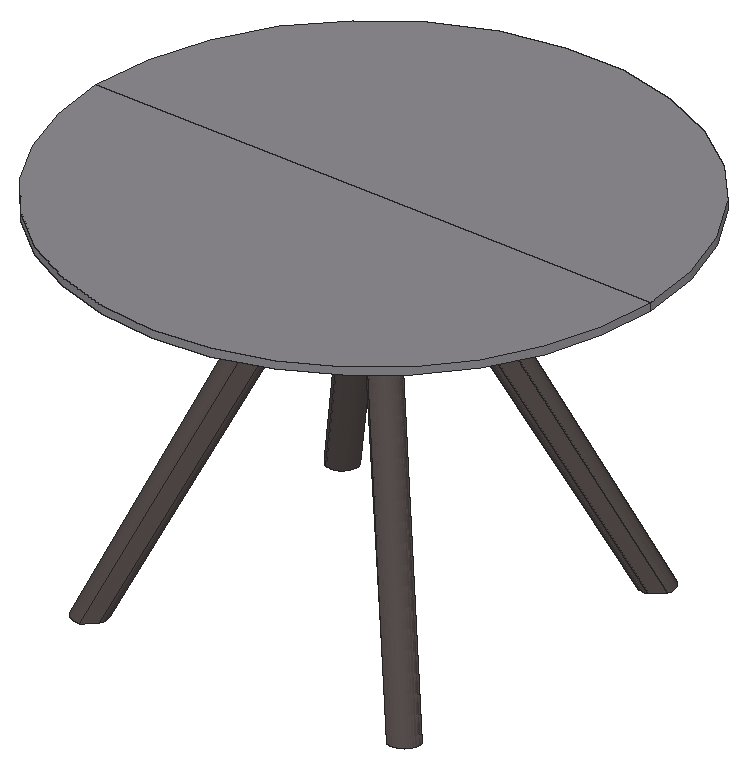
Revit family "Furniture_Table_STIKS 8.1", category Furniture, Revit 2019
Family settings
  OmniClass Number = 23.21.23.15.17
  Work Plane-Based = Yes
  Always vertical = No
  Cut with Voids When Loaded = No
  Shared = No
  Room Calculation Point = No
Parameters (values of type "STICKS 8.1 - TOP 24"")
  Youtube clip = ""
  Uniformat II Description = "Movable Furnishings"
  Uniformat II Code = ""
  Uniclass 2015 Name = ""
  Uniclass 2015 Code = ""
  Uniclass 2.0 Description = ""
  Uniclass 2.0 Code = ""
  Uniclass 1.4 Description = ""
  Uniclass 1.4 Code = ""
  UNSPSC Code = ""
  Technical description = ""
  Top Material = Wood - Lacquered Wood - C49 Anthracite
  Raio Top = 304.800 mm
  Frame Material = Wood - Black Wanut
  Region South America = "All"
  Region Oceania = "All"
  Region North America = "All"
  Region Middle East = "All"
  Region Europe = "All"
  Region Asia = "All"
  Region Antarctica = "All"
  Region Africa = "All"
  QR code = "https://www.sandlerseating.com/product/stiks-8-1/"
  Product url = "https://www.sandlerseating.com/product/stiks-8-1/"
  Product name = "STICKS 8.1"
  Product group = "Table"
  Product family = "Furniture"
  Product data url = "https://www.sandlerseating.com/product/stiks-8-1/"
  Product certification = ""
  Product SKU = "??"
  Product Guid = "??"
  OmniClass Description = ""
  OmniClass Code = "23-21 23 15 17"
  NBS Reference Description = ""
  NBS Reference Code = ""
  Model = "STICKS 8.1"
  Masterformat 2014 Description = "Table Mats"
  Masterformat 2014 Code = "12 48 43.13"
  Manufacturer name = "Sandler"
  Manufacturer country = "USA"
  Manufacturer = "Sandler"
  Installation instructions = ""
  IFC Classification = "Furnishing Element"
  GTIN code = ""
  Edition number = 1
  Design country = "Brasil"
  Description = "Table"
  Default Elevation = 0.000 mm
  Date of publishing = ""
  COBIe Type Category = ""
  Brand url = "https://www.sandlerseating.com/"
  BIMobject main category code = "furniture"
  BIMobject main category = "Furniture"
  BIMobject category code = "furniture-table"
  BIMobject category = "Table"
Types (3, lengths in mm): name | Raio Top
  STICKS 8.1 - TOP 24" | 304.800
  STICKS 8.1 - TOP 28" | 355.600
  STICKS 8.1 - TOP 32" | 406.400
Reference planes
  plane 1 "Center Front/Back": y = 0
  plane 2: z = 0
  plane 3 "Center Left/Right": x = 0
  plane 4: x = -304.8
Forms (mm)
  Revolve 1, solid, material "Wood - Lacquered Wood - C49 Anthracite" <- "Top Material"
    sketch origin (0, 0, 0) x (1, 0, 0) y (0, 0, 1)
      loop
        line (0, 399.792) -> (-304.8, 399.792) -> (-304.8, 391.796)
        arc (-304.8, 391.796) -> (-276.866, 380.613) -> (-247.018, 376.804) r 118.845
        line (-247.018, 376.804) -> (-134.737, 376.804) -> (-134.737, 371.804) -> (0, 371.804) -> (0, 399.792)
      axis (0, 399.792) -> (0, 371.804)
    angle from 0 to 360
  Blend 2, solid, material "Wood - Black Wanut" <- "Frame Material"
    base sketch origin (0, 0, 800) x (-1, 0, 0) y (0, -1, 0)
      loop
        line (190.205, -170.674) -> (178.795, -157.549)
        arc (178.795, -157.549) -> (161.395, -160.396) -> (156.154, -177.23) r 16.774
        line (156.154, -177.23) -> (167.564, -190.356)
        arc (167.564, -190.356) -> (184.186, -186.614) -> (190.205, -170.674) r 17.962
    top sketch origin (0, 0, 800) x (-1, 0, 0) y (0, -1, 0)
      loop
        line (45.741, -25.147) -> (31.599, -11.005)
        arc (31.599, -11.005) -> (12.846, -13.647) -> (10.203, -32.4) r 15.742
        line (10.203, -32.4) -> (24.346, -46.542)
        arc (24.346, -46.542) -> (44.232, -45.033) -> (45.741, -25.147) r 15.304
    from -800 to -428.196
  Blend 3, solid, material "Wood - Black Wanut" <- "Frame Material"
    base sketch origin (0, 0, 800) x (0, -1, 0) y (1, 0, 0)
      loop
        line (190.205, -170.674) -> (178.795, -157.549)
        arc (178.795, -157.549) -> (161.395, -160.396) -> (156.154, -177.23) r 16.774
        line (156.154, -177.23) -> (167.564, -190.356)
        arc (167.564, -190.356) -> (184.186, -186.614) -> (190.205, -170.674) r 17.962
    top sketch origin (0, 0, 800) x (0, -1, 0) y (1, 0, 0)
      loop
        line (45.741, -25.147) -> (31.599, -11.005)
        arc (31.599, -11.005) -> (12.846, -13.647) -> (10.203, -32.4) r 15.742
        line (10.203, -32.4) -> (24.346, -46.542)
        arc (24.346, -46.542) -> (44.232, -45.033) -> (45.741, -25.147) r 15.304
    from -800 to -428.196
  Blend 4, solid, material "Wood - Black Wanut" <- "Frame Material"
    base sketch origin (0, 0, 800) x (1, 0, 0) y (0, 1, 0)
      loop
        line (190.205, -170.674) -> (178.795, -157.549)
        arc (178.795, -157.549) -> (161.395, -160.396) -> (156.154, -177.23) r 16.774
        line (156.154, -177.23) -> (167.564, -190.356)
        arc (167.564, -190.356) -> (184.186, -186.614) -> (190.205, -170.674) r 17.962
    top sketch origin (0, 0, 800) x (1, 0, 0) y (0, 1, 0)
      loop
        line (45.741, -25.147) -> (31.599, -11.005)
        arc (31.599, -11.005) -> (12.846, -13.647) -> (10.203, -32.4) r 15.742
        line (10.203, -32.4) -> (24.346, -46.542)
        arc (24.346, -46.542) -> (44.232, -45.033) -> (45.741, -25.147) r 15.304
    from -800 to -428.196
  Blend 5, solid, material "Wood - Black Wanut" <- "Frame Material"
    base sketch origin (0, 0, 800) x (0, 1, 0) y (-1, 0, 0)
      loop
        line (190.205, -170.674) -> (178.795, -157.549)
        arc (178.795, -157.549) -> (161.395, -160.396) -> (156.154, -177.23) r 16.774
        line (156.154, -177.23) -> (167.564, -190.356)
        arc (167.564, -190.356) -> (184.186, -186.614) -> (190.205, -170.674) r 17.962
    top sketch origin (0, 0, 800) x (0, 1, 0) y (-1, 0, 0)
      loop
        line (45.741, -25.147) -> (31.599, -11.005)
        arc (31.599, -11.005) -> (12.846, -13.647) -> (10.203, -32.4) r 15.742
        line (10.203, -32.4) -> (24.346, -46.542)
        arc (24.346, -46.542) -> (44.232, -45.033) -> (45.741, -25.147) r 15.304
    from -800 to -428.196
Dimensions and locks
  "Raio Top": plane 3 "Center Left/Right" to plane 4
  locked: Revolve 1 sketch curve to Revolve 1 sketch curve at 7.996
  locked: Revolve 1 sketch curve to Revolve 1 sketch curve at 57.782
  aligned and locked: level to plane 2
  aligned and locked: Revolve 1 sketch curve to plane 4
Automatic sketch dimensions
  Blend 2 sketch curve to plane 3 "Center Left/Right" = 156.154 mm
  Blend 2 sketch curve to Blend 2 sketch curve = 11.410 mm  (x2)
  Blend 2 sketch curve to Blend 2 sketch curve = 16.246 mm
  Blend 2 sketch curve to Blend 2 sketch curve = 0.002 mm  (x2)
  Blend 2 sketch curve to Blend 2 sketch curve = 6.396 mm
  Blend 2 sketch curve to plane 1 "Center Front/Back" = 190.356 mm
  Blend 2 sketch curve to Blend 2 sketch curve = 13.125 mm
  Blend 2 sketch curve to Blend 2 sketch curve = 4.173 mm
  Blend 2 sketch curve to plane 3 "Center Left/Right" = 10.203 mm
  Blend 2 sketch curve to Blend 2 sketch curve = 13.774 mm
  Blend 2 sketch curve to Blend 2 sketch curve = 14.142 mm
  Blend 2 sketch curve to plane 1 "Center Front/Back" = 11.005 mm
  Blend 2 sketch curve to Blend 2 sketch curve = 7.621 mm
  Blend 2 sketch curve to Blend 2 sketch curve = 9.433 mm  (x2)
  Blend 2 sketch curve to plane 1 "Center Front/Back" = 25.147 mm
  Blend 2 sketch curve to Blend 2 sketch curve = 12.331 mm
  Blend 2 sketch curve to Blend 2 sketch curve = 21.396 mm
  plane 1 "Center Front/Back" to Blend 3 sketch curve = 156.154 mm
  Blend 3 sketch curve to Blend 3 sketch curve = 11.410 mm  (x2)
  Blend 3 sketch curve to Blend 3 sketch curve = 16.246 mm
  Blend 3 sketch curve to Blend 3 sketch curve = 0.002 mm  (x2)
  Blend 3 sketch curve to Blend 3 sketch curve = 6.396 mm
  Blend 3 sketch curve to plane 3 "Center Left/Right" = 190.356 mm
  Blend 3 sketch curve to Blend 3 sketch curve = 13.125 mm
  Blend 3 sketch curve to Blend 3 sketch curve = 4.173 mm
  plane 1 "Center Front/Back" to Blend 3 sketch curve = 10.203 mm
  Blend 3 sketch curve to Blend 3 sketch curve = 13.774 mm
  Blend 3 sketch curve to Blend 3 sketch curve = 14.142 mm
  Blend 3 sketch curve to plane 3 "Center Left/Right" = 11.005 mm
  Blend 3 sketch curve to Blend 3 sketch curve = 7.621 mm
  Blend 3 sketch curve to Blend 3 sketch curve = 9.433 mm  (x2)
  Blend 3 sketch curve to plane 3 "Center Left/Right" = 25.147 mm
  Blend 3 sketch curve to Blend 3 sketch curve = 12.331 mm
  Blend 3 sketch curve to Blend 3 sketch curve = 21.396 mm
  plane 3 "Center Left/Right" to Blend 4 sketch curve = 156.154 mm
  Blend 4 sketch curve to Blend 4 sketch curve = 11.410 mm  (x2)
  Blend 4 sketch curve to Blend 4 sketch curve = 16.246 mm
  Blend 4 sketch curve to Blend 4 sketch curve = 0.002 mm  (x2)
  Blend 4 sketch curve to Blend 4 sketch curve = 6.396 mm
  plane 1 "Center Front/Back" to Blend 4 sketch curve = 190.356 mm
  Blend 4 sketch curve to Blend 4 sketch curve = 13.125 mm
  Blend 4 sketch curve to Blend 4 sketch curve = 4.173 mm
  plane 3 "Center Left/Right" to Blend 4 sketch curve = 10.203 mm
  Blend 4 sketch curve to Blend 4 sketch curve = 13.774 mm
  Blend 4 sketch curve to Blend 4 sketch curve = 14.142 mm
  plane 1 "Center Front/Back" to Blend 4 sketch curve = 11.005 mm
  Blend 4 sketch curve to Blend 4 sketch curve = 7.621 mm
  Blend 4 sketch curve to Blend 4 sketch curve = 9.433 mm  (x2)
  plane 1 "Center Front/Back" to Blend 4 sketch curve = 25.147 mm
  Blend 4 sketch curve to Blend 4 sketch curve = 12.331 mm
  Blend 4 sketch curve to Blend 4 sketch curve = 21.396 mm
  Blend 5 sketch curve to plane 1 "Center Front/Back" = 156.154 mm
  Blend 5 sketch curve to Blend 5 sketch curve = 11.410 mm  (x2)
  Blend 5 sketch curve to Blend 5 sketch curve = 16.246 mm
  Blend 5 sketch curve to Blend 5 sketch curve = 0.002 mm  (x2)
  Blend 5 sketch curve to Blend 5 sketch curve = 6.396 mm
  plane 3 "Center Left/Right" to Blend 5 sketch curve = 190.356 mm
  Blend 5 sketch curve to Blend 5 sketch curve = 13.125 mm
  Blend 5 sketch curve to Blend 5 sketch curve = 4.173 mm
  Blend 5 sketch curve to plane 1 "Center Front/Back" = 10.203 mm
  Blend 5 sketch curve to Blend 5 sketch curve = 13.774 mm
  Blend 5 sketch curve to Blend 5 sketch curve = 14.142 mm
  plane 3 "Center Left/Right" to Blend 5 sketch curve = 11.005 mm
  Blend 5 sketch curve to Blend 5 sketch curve = 7.621 mm
  Blend 5 sketch curve to Blend 5 sketch curve = 9.433 mm  (x2)
  plane 3 "Center Left/Right" to Blend 5 sketch curve = 25.147 mm
  Blend 5 sketch curve to Blend 5 sketch curve = 12.331 mm
  Blend 5 sketch curve to Blend 5 sketch curve = 21.396 mm
  Revolve 1 sketch curve to plane 3 "Center Left/Right" = 0.000 mm  (x2)
  Revolve 1 sketch curve to Revolve 1 sketch curve = 112.281 mm
  level to Revolve 1 sketch curve = 371.804 mm
  Revolve 1 sketch curve to Revolve 1 sketch curve = 5.000 mm
  Revolve 1 sketch curve to Revolve 1 sketch curve = 14.992 mm
  Revolve 1 sketch curve to Revolve 1 sketch curve = 112.012 mm
  Revolve 1 sketch curve to Revolve 1 sketch curve = 75.000 mm
